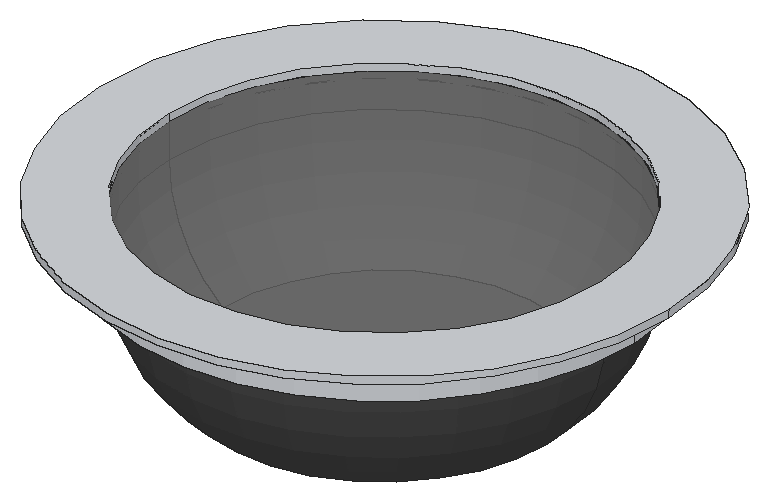
Revit family "3031830 Lighting Fixture_Sylvania_Syl-Lighter II_Ceiling Recessed", category Lighting Fixtures, host Face, Revit 2017
Family settings
  Host = Face
  Round Connector Dimension = Use Diameter
  Part Type = Normal
  OmniClass Number = 23.80.70.11.17
  OmniClass Title = Specialized Lighting by Location or Use
  Cut with Voids When Loaded = No
  Light Source = Yes
  Shared = No
  Room Calculation Point = No
Parameters (values of type "Syl-Lighter LED II 165 RO 12W WW 1-10V")
  Weight = 0.45 kg
  Wattage = 10.6122 W
  built-in parameter 1150110 = 1 (stored number, unit not read)
  Voltage Comments = "UNV (Universal Voltage; 220-240 Volt)"  # constant formula
  Voltage = 240 V  # constant formula
  URL = "http://www.sylvania-lighting.com"
  built-in parameter 1114217 = 1 (stored number, unit not read)
  Tilt Angle = -90.00°  # constant formula
  built-in parameter 1150109 = 1 (stored number, unit not read)
  built-in parameter 1150134 = (empty or 0)
  Ta Rating = "-10°C to +40°C"  # constant formula
  built-in parameter 1150113 = 1 (stored number, unit not read)
  Recessed Depth = Height  # 45.0 mm
  IP Rating = "IP44"  # constant formula
  IK Rating = "IK07"  # constant formula
  Energy Class = "A++, A+, A"  # constant formula
  Dimmable = "N/A"  # constant formula
  Catalog Number = "3031830 Syl-Lighter LED II 165 RO 12W WW 1-10V"
  Body Material = Metal_Sylvania_Syl-Lighter LED II_Silver
  Product Page URL = "http://www.sylvania-lighting.com/product/en-int/products/3031830"
  Product Family = "SYL-LIGHTER LED II"  # constant formula
  Photometry Comments = ""
  Photometric Web File = "3031830_Syl-LighterLEDII165RO12WWW1-10V-187529.ies"
  built-in parameter 1150105 = 587.84 (stored number, unit not read)
  Lumens = 1047 lm
  built-in parameter 1150115 = 1 (stored number, unit not read)
  built-in parameter 1150137 = (empty or 0)
  built-in parameter 1150139 = (empty or 0)
  Life = "50 000h"  # constant formula
  built-in parameter 1150112 = 1 (stored number, unit not read)
  built-in parameter 1150114 = 1 (stored number, unit not read)
  Lamp Comments = "Integrated LED"
  built-in parameter 1150132 = 2
  built-in parameter 1150102 = (empty or 0)
  built-in parameter 1150107 = 3000 (stored number, unit not read)
  built-in parameter 1150138 = (empty or 0)
  built-in parameter 1150106 = 5.8784 (stored number, unit not read)
  Glow Wire Test = 650 °C  # constant formula
  Emit from Circle Diameter = Diffuser Diameter  # 125.0 mm
  Emit Shape Visible in Rendering = no
  built-in parameter 1150104 = 9.1658 (stored number, unit not read)
  Drive Current = "300mA"
  Dimming Lamp Color Temperature Shift = <None>
  Diffuser Radius = Diffuser Diameter / 2  # 62.5 mm
  Diffuser Diameter = Diameter - 20.0 mm  # 125.0 mm
  Inner Diameter = Diameter - 4.0 mm  # 141.0 mm
  Cutout Diameter = Diameter  # 145.0 mm
  Color Filter = 16777215
  Beam Angle = 74.00°
  built-in parameter 1114218 = 1 (stored number, unit not read)
  built-in parameter 1150133 = 10 (stored number, unit not read)
  Height = 45.0 mm
  Electrical Protection = "CLASS II"  # constant formula
  built-in parameter 1114216 [instance] = 1 (stored number, unit not read)
  Model = "Syl-Lighter LED II 165 RO 12W WW 1-10V"
  Manufacturer = "Feilo Sylvania"  # constant formula
  Lamp = "LED"
  Diffuser Material = Polycarbonate_Sylvania_Syl-Lighter LED II_Opal
  Description = "Syl-Lighter LED II is available in 4 different round body sizes: 165mm, 195mm, 220mm & 240mm Syl-Lighter LED II 165 12W delivers a 1,134 lumen output (4,000K) - perfect for 1x26W CFL replacement Syl-Lighter LED II 195 15W delivers a 1,480 lumen output (4,000K) - perfect for 1x32W/2x18W CFL replacement Syl-Lighter LED II 220 21W delivers a 1,989 lumen output (4,000K) - perfect for 1x42W CFL replacement Syl-Lighter LED II 240 25W delivers a 2,289 lumen output (4,000K)- perfect for 2x26W CFL replacement High efficacy up to 99lm/W (Syl-Lighter LED II 195 4,000K) IP44 rating allows for installation in applicable wet zone areas Choice of 3,000K (warm white) or 4,000K (neutral white) Shallow recess depth of <65mm Can replace existing large CFL downlights using a 225mm ceiling cut out (Syl-Lighter LED II 240) Energy efficient electronic gear including analogue 1-10V and DALI dimmable options IK07 polycarbonate diffuser allows for a wider light distribution than a reflector downlight, allowing for increased spacings between luminaires 3 hour emergency pack available (to be ordered in addition to the luminaire) Ideal for applications such as corridors, public WCs and back of house areas Quick and easy to install Loop in-Loop out facility with red push fit terminal block for quick wiring White bezel (RAL 9003) Energy Class: A++, A+, A Long lifetime: 50,000 hours life at L70 (L80: 30,000 hours, L90: 15,000 hours)"  # constant formula
  Default Elevation = 0.0 mm
  built-in parameter 1140040 [instance] = 1
  Assembly Code = "D5020200"
  Apparent Load Comments = ""
  Apparent Load = 12 VA
  Accessory Radius = Accessory Diameter / 2  # 82.5 mm
  Accessory Material = Aluminum_Sylvania_Syl-Lighter LED II_White_RAL 9003
  Diameter = 145.0 mm
  Accessory Diameter = 165.0 mm
Reference planes
  plane 1 "Center (Front/Back)": y = 0
  plane 2: z = 0
  plane 3 "Center (Left/Right)": x = 0
  plane 4 "Fixture Bottom": z = 2
  plane 5: z = -10
  plane 6 "Fixture Top": z = -45
  plane 7: z = -2
Forms (mm)
  Extrusion 1, void
    sketch origin (0, 0, 58) x (-1, 0, 0) y (0, -1, 0)
      loop
        circle (0, 0) r 72.5
    from -171 to -55
  Extrusion 2, solid, detail levels fine
    sketch origin (0, 0, 58) x (-1, 0, 0) y (0, -1, 0)
      loop
        circle (0, 0) r 72.5
      loop
        circle (0, 0) r 70.5
    from -68 to -58
  Extrusion 3, solid, detail levels fine
    sketch origin (0, 0, 58) x (-1, 0, 0) y (0, -1, 0)
      loop
        circle (0, 0) r 82.5
      loop
        circle (0, 0) r 62.5
    from -58 to -56
  Extrusion 4, solid, material "Polycarbonate_Sylvania_Syl-Lighter LED II_Opal" <- "Diffuser Material", detail levels fine
    sketch origin (0, 0, 58) x (-1, 0, 0) y (0, -1, 0)
      loop
        circle (0, 0) r 62.5
    from -60 to -58
  Revolve 5, solid, material "Metal_Sylvania_Syl-Lighter LED II_Silver" <- "Body Material", detail levels fine
    sketch origin (0, 0, 0) x (1, 0, 0) y (0, 0, 1)
      loop
        line (-62.5, 0) -> (-64.5, 0) -> (-64.5, -10)
        arc (-64.5, -10) -> (-60.025, -29.455) -> (-47.5, -45) r 44.529
        line (-47.5, -45) -> (0, -45) -> (0, -43) -> (-46.799, -43)
        arc (-46.799, -43) -> (-58.375, -28.272) -> (-62.5, -10) r 42.529
        line (-62.5, -10) -> (-62.5, 0)
      axis (0, -45) -> (0, 0)
    angle from 0 to 360
  Revolve 6, solid, material "Aluminum_Sylvania_Syl-Lighter LED II_White_RAL 9003" <- "Accessory Material", detail levels coarse+medium
    sketch origin (0, 0, 0) x (1, 0, 0) y (0, 0, 1)
      loop
        line (-82.5, 2) -> (-82.5, 0) -> (-75, 0) -> (-75, -10) -> (-67, -10)
        arc (-67, -10) -> (-62.525, -29.455) -> (-50, -45) r 44.529
        line (-50, -45) -> (0, -45) -> (0, 2) -> (-82.5, 2)
      axis (0, 2) -> (0, -45)
    angle from 0 to 360
Cuts and joins
  joined: Extrusion 2, Extrusion 3
Lines and regions (mm)
  Masking region 1
    outline origin (0, 0, 58) x (-1, 0, 0) y (0, -1, 0)
      loop
        circle (0, 0) r 82.5
  symbolic lines, detail levels fine
    curve 1: arc (-62.5, 0, 58) -> (0, 62.5, 58) -> (62.5, 0, 58) r 62.5
    curve 2: arc (62.5, 0, 58) -> (0, -62.5, 58) -> (-62.5, 0, 58) r 62.5
Dimensions and locks
  locked: plane 4 "Fixture Bottom" to plane 2 at 2
  locked: plane 2 to plane 5 at 10
  "Height": plane 2 to plane 6 "Fixture Top"
  locked: plane 2 to plane 7 at 2
  "Diffuser Radius": plane 3 "Center (Left/Right)" to Revolve 5 sketch curve
  locked: Revolve 5 sketch curve to Revolve 5 sketch curve at 2
  locked: Revolve 5 sketch curve to Revolve 5 sketch curve at 15
  "Accessory Radius": plane 3 "Center (Left/Right)" to Revolve 6 sketch curve
  Revolve 6 sketch curve to Revolve 6 sketch curve to Revolve 6 sketch curve to Revolve 6 sketch curve = 7.5 mm locked, 8.0 mm locked, 17.0 mm locked
  "Cutout Diameter": diameter of Extrusion 1 sketch curve
  "Diameter": diameter of Extrusion 2 sketch curve
  "Inner Diameter": diameter of Extrusion 2 sketch curve
  "Accessory Diameter": diameter of Extrusion 3 sketch curve
  "Diffuser Diameter": diameter of Extrusion 3 sketch curve
  "Diffuser Diameter": diameter of Extrusion 4 sketch curve
  "Accessory Diameter": diameter of Masking region 1 sketch curve
  aligned and locked: host face to plane 2
  aligned and locked: host face to level
  aligned and locked: plane 4 "Fixture Bottom" to Extrusion 3
  aligned and locked: Extrusion 3 to plane 2
  aligned and locked: Extrusion 2 to plane 5
  aligned and locked: plane 2 to Extrusion 2
  aligned and locked: Extrusion 4 to plane 7
  aligned and locked: plane 2 to Extrusion 4
  aligned and locked: Revolve 5 sketch curve to plane 2
  aligned and locked: plane 5 to Revolve 5 sketch curve  (x2)
  aligned and locked: Revolve 5 sketch curve to plane 3 "Center (Left/Right)"
  aligned and locked: plane 3 "Center (Left/Right)" to Revolve 5 sketch curve
  aligned and locked: Revolve 6 sketch curve to plane 5
  aligned and locked: Revolve 6 sketch curve to plane 2
  aligned and locked: Revolve 6 sketch curve to plane 4 "Fixture Bottom"
  aligned and locked: plane 3 "Center (Left/Right)" to Revolve 6 sketch curve
  aligned and locked: Revolve 6 sketch curve to plane 3 "Center (Left/Right)"
  aligned and locked: plane 3 "Center (Left/Right)" to imposter light
  aligned and locked: imposter light to plane 1 "Center (Front/Back)"
  aligned and locked: imposter light to plane 4 "Fixture Bottom"
  aligned and locked: curve 1 to cut or joined group of Extrusion 2, Extrusion 3
Automatic sketch dimensions
  host sketch curve to host sketch curve = 700.0 mm
  host sketch curve to host sketch curve = 620.0 mm
  plane 1 "Center (Front/Back)" to Extrusion 1 sketch curve = 0.0 mm
  Extrusion 1 sketch curve to plane 3 "Center (Left/Right)" = 0.0 mm
  Extrusion 2 sketch curve to Extrusion 2 sketch curve = 0.0 mm  (x2)
  plane 1 "Center (Front/Back)" to Extrusion 2 sketch curve = 0.0 mm
  Extrusion 2 sketch curve to plane 3 "Center (Left/Right)" = 0.0 mm
  Extrusion 3 sketch curve to Extrusion 3 sketch curve = 0.0 mm  (x2)
  plane 1 "Center (Front/Back)" to Extrusion 3 sketch curve = 0.0 mm
  Extrusion 3 sketch curve to plane 3 "Center (Left/Right)" = 0.0 mm
  plane 1 "Center (Front/Back)" to Extrusion 4 sketch curve = 0.0 mm
  Extrusion 4 sketch curve to plane 3 "Center (Left/Right)" = 0.0 mm
  Revolve 5 sketch curve to Revolve 5 sketch curve = 0.0 mm
  Revolve 5 sketch curve to plane 6 "Fixture Top" = 0.0 mm
  plane 6 "Fixture Top" to Revolve 5 sketch curve = 2.0 mm
  Revolve 5 sketch curve to Revolve 5 sketch curve = 17.111 mm
  plane 4 "Fixture Bottom" to Revolve 5 sketch curve = 20.889 mm
  Revolve 6 sketch curve to plane 6 "Fixture Top" = 0.0 mm
  Revolve 6 sketch curve to plane 6 "Fixture Top" = 63.885 mm
  Revolve 6 sketch curve to Revolve 6 sketch curve = 84.115 mm
  plane 1 "Center (Front/Back)" to Masking region 1 sketch curve = 0.0 mm
  Masking region 1 sketch curve to plane 3 "Center (Left/Right)" = 0.0 mm
Connectors
  electrical at (0, 0, -45), driven by "Apparent Load", driven by "Voltage"
    settings: on Revolve 5, index 1, voltage 240 V, apparent load 0 VA, apparent load phase1 12 VA, apparent load phase2 0 VA, apparent load phase3 0 VA, power factor 1, load classification "Lighting", number of poles 1, system type 31, power factor state 1, is connector primary yes, connector utility no, sub classification motor no, connector description ""
